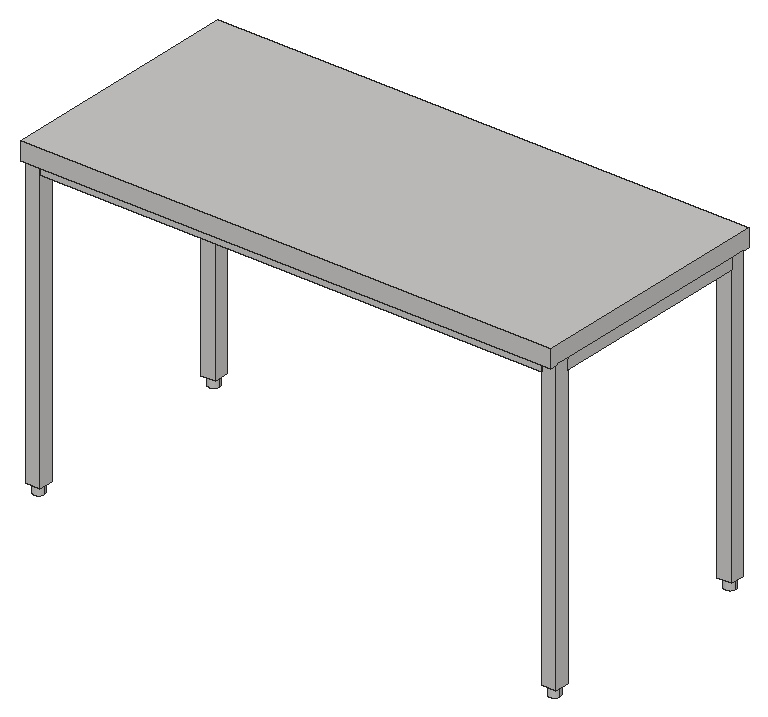
Revit family "QF_ELECTROLUXPROFESSIONAL_134005_GTG1500E", category Attrezzature speciali, Revit 2020
Family settings
  Quota connettore circolare = Usa diametro
  Tipo di parte = Normale
  Basato su piano di lavoro = No
  Sempre verticale = Sì
  Taglio con vuoti quando caricato = No
  Condiviso = No
  Punto di calcolo locali = No
Parameters (values of type "Standard")
  Weight = 43.00 kg
  Watts = 0 W
  Volts = 0 V
  URL Manufacturer = "https://www.electroluxprofessional.com/"
  URL = "https://www.electroluxprofessional.com/"
  Steam Supply Size = 0 mm
  Steam Supply Minimum Pressure = 0.0 Pa
  Steam Supply Maximum Pressure = 0.0 Pa
  Steam Consumption per Hour = 0
  Refrigeration Suction Line Size = 0.0 mm
  Refrigeration Liquid Line Size = 0.0 mm
  Refrigerant Compressor Remote = yes
  Prospetto di default = 0.0 mm
  Produttore = "Electrolux Professional"
  Phase = 0
  Modello = "GTG1500E"
  Length Actual = 1500.0 mm  # constant formula
  Item Number = "134005"
  Hot Water Size = 0 mm
  Height Actual = 900.0 mm  # constant formula
  HP = "0 HP"
  Gas Size = 0 mm
  Gas KW = 0
  Gas Input Pressure = 0 W
  Direct Waste Size = 0 mm
  Descrizione = "WORK TABLE 1500 MM"
  Depth Actual = 700.0 mm  # constant formula
  Cycle = 0 Hz
  Condensate Return Size = 0 mm
  Compressed Air Volume = 0.0 L/s
  Compressed Air Size = 0 mm
  Compressed Air Pressure = 0.0 Pa
  Cold Water Size = 0 mm
  Accessory = yes
Reference planes
  plane 1 "Center (Front/Back)": y = 0
  plane 2: z = 0
  plane 3 "Center (Left/Right)": x = -250
  plane 4 "LEFT": x = -1000
  plane 5 "RIGHT": x = 500
  plane 6 "BACK": y = 350
  plane 7 "FRONT": y = -350
  plane 8 "Base": z = 850
  plane 9 "TOP": z = 900
  plane 10: x = -980
  plane 11: x = 480
  plane 12: y = 310
  plane 13: y = -310
  plane 14 "TRAVERSI": z = 820
  plane 15: x = -960
  plane 16: x = 460
  plane 17: y = 290
  plane 18: y = -290
  plane 19: y = 330
  plane 20: y = -330
Forms (mm)
  Extrusion 1, solid, material "QF_Finishes_Stainless Steel"
    sketch origin (-250, 0, 0) x (0, 1, 0) y (0, 0, 1)
      loop
        line (-350, 850) -> (350, 850) -> (350, 900) -> (-350, 900) -> (-350, 850)
    from 750 to -750
  Extrusion 2, solid, material "QF_Finishes_Stainless Steel"
    sketch origin (0, 0, 820) x (0, 1, 0) y (-1, 0, 0)
      loop
        line (290, -460) -> (-290, -460) -> (-290, -500) -> (290, -500) -> (290, -460)
      loop
        line (290, 1000) -> (-290, 1000) -> (-290, 960) -> (290, 960) -> (290, 1000)
    from 0 to 30
  Extrusion 3, solid, material "QF_Finishes_Stainless Steel"
    sketch origin (0, 0, 820) x (0, 1, 0) y (-1, 0, 0)
      loop
        line (330, -460) -> (330, 960) -> (290, 960) -> (290, -460) -> (330, -460)
      loop
        line (-290, 960) -> (-330, 960) -> (-330, -460) -> (-290, -460) -> (-290, 960)
    from 0 to 30
Lines and regions (mm)
  symbolic lines
    curve 1: line (500, 350, 900) -> (-1000, 350, 900)
    curve 2: line (-1000, 350, 900) -> (-1000, -350, 900)
    curve 3: line (-1000, -350, 900) -> (500, -350, 900)
    curve 4: line (500, -350, 900) -> (500, 350, 900)
Dimensions and locks
  plane 4 "LEFT" to plane 5 "RIGHT" = 1500.0 mm
  equal spacing: plane 4 "LEFT", plane 3 "Center (Left/Right)", plane 5 "RIGHT"
  locked: plane 8 "Base" to level at 850
  plane 4 "LEFT" to plane 10 = 20.0 mm
  plane 11 to plane 5 "RIGHT" = 20.0 mm
  plane 10 to plane 11 = 1460.0 mm
  locked: plane 9 "TOP" to level at 900
  plane 6 "BACK" to plane 12 = 40.0 mm
  plane 13 to plane 7 "FRONT" = 40.0 mm
  plane 6 "BACK" to plane 7 "FRONT" = 700.0 mm
  plane 12 to plane 13 = 620.0 mm
  equal spacing: plane 6 "BACK", plane 1 "Center (Front/Back)", plane 7 "FRONT"
  plane 8 "Base" to plane 14 "TRAVERSI" = 30.0 mm
  locked: plane 10 to plane 15 at 20
  locked: plane 16 to plane 11 at 20
  locked: plane 19 to plane 12 at 20
  locked: plane 12 to plane 17 at 20
  locked: plane 18 to plane 13 at 20
  locked: plane 13 to plane 20 at 20
  aligned and locked: level to plane 2
  aligned and locked: plane 10 to nested 1
  aligned and locked: nested 1 to plane 13
  aligned and locked: plane 11 to nested 2
  aligned and locked: nested 2 to plane 13
  aligned and locked: plane 11 to nested 4
  aligned and locked: nested 4 to plane 12
  aligned and locked: plane 10 to nested 3
  aligned and locked: nested 3 to plane 12
  aligned and locked: Extrusion 1 to plane 4 "LEFT"
  aligned and locked: plane 5 "RIGHT" to Extrusion 1
  aligned and locked: curve 2 to plane 4 "LEFT"
  aligned and locked: Extrusion 2 sketch curve to plane 5 "RIGHT"
  aligned and locked: Extrusion 2 sketch curve to plane 17  (x2)
  aligned and locked: plane 16 to Extrusion 2 sketch curve
  aligned and locked: plane 18 to Extrusion 2 sketch curve  (x2)
  aligned and locked: plane 4 "LEFT" to Extrusion 2 sketch curve
  aligned and locked: Extrusion 2 sketch curve to plane 15
  aligned and locked: plane 19 to Extrusion 3 sketch curve
  aligned and locked: Extrusion 3 sketch curve to plane 17
  aligned and locked: Extrusion 3 sketch curve to plane 18
  aligned and locked: plane 20 to Extrusion 3 sketch curve
  aligned and locked: Extrusion 3 sketch curve to plane 15
  aligned and locked: plane 15 to Extrusion 3 sketch curve
  aligned and locked: plane 16 to Extrusion 3 sketch curve
  aligned and locked: Extrusion 3 sketch curve to plane 16
Automatic sketch dimensions
  Extrusion 1 sketch curve to plane 7 "FRONT" = 0.0 mm
  Extrusion 1 sketch curve to plane 8 "Base" = 0.0 mm
  curve 3 to plane 7 "FRONT" = 0.0 mm
  curve 4 to plane 6 "BACK" = 0.0 mm
  Extrusion 1 sketch curve to plane 9 "TOP" = 0.0 mm
  Extrusion 1 sketch curve to plane 6 "BACK" = 0.0 mm
  curve 4 to plane 5 "RIGHT" = 0.0 mm
Nested families
  nested 1: "FEET_40x40_R" at (-980, -310, 0), type "FEET_40x40_R"
  nested 2: "FEET_40x40_R" at (480, -310, 0), type "FEET_40x40_R"
  nested 3: "FEET_40x40_R" at (-980, 310, 0), type "FEET_40x40_R"
  nested 4: "FEET_40x40_R" at (480, 310, 0), type "FEET_40x40_R"
Definition of nested family "FEET_40x40_R"
  Parameters
    Default Elevation = 0.0 mm
    FEET = 850.0 mm
  Reference planes
    plane 1 "Center (Front/Back)": y = 0
    plane 2: z = 0
    plane 3 "Center (Left/Right)": x = 0
    plane 4: z = 850
  Forms (mm)
    Extrusion 1, solid
      sketch origin (0, 0, 0) x (1, 0, 0) y (0, 1, 0)
        loop
          line (-20, -20) -> (20, -20) -> (20, 20) -> (-20, 20) -> (-20, -20)
      from 25 to 850
    Extrusion 2, solid
      sketch origin (0, 0, 0) x (1, 0, 0) y (0, 1, 0)
        loop
          circle (0, 0) r 16
      from 0 to 25
  Lines and regions (mm)
    symbolic lines
      curve 1: line (0, -1.503, 0) -> (0, 1.508, 0)
      curve 2: line (1.561, 0, 0) -> (-1.439, 0, 0)
  Dimensions and locks
    "FEET": plane 4 to plane 2
    aligned and locked: level to plane 2
  Automatic sketch dimensions
    Extrusion 1 sketch curve to plane 3 "Center (Left/Right)" = 20.0 mm
    plane 3 "Center (Left/Right)" to Extrusion 1 sketch curve = 20.0 mm
    plane 1 "Center (Front/Back)" to Extrusion 1 sketch curve = 20.0 mm
    Extrusion 1 sketch curve to plane 1 "Center (Front/Back)" = 20.0 mm
    plane 1 "Center (Front/Back)" to Extrusion 2 sketch curve = 0.0 mm
    Extrusion 2 sketch curve to plane 3 "Center (Left/Right)" = 0.0 mm
    plane 1 "Center (Front/Back)" to curve 2 = 0.0 mm
    curve 1 to plane 3 "Center (Left/Right)" = 0.0 mm
    curve 2 to plane 3 "Center (Left/Right)" = 1.439 mm
    plane 3 "Center (Left/Right)" to curve 2 = 1.561 mm
    plane 1 "Center (Front/Back)" to curve 1 = 1.503 mm
    curve 1 to plane 1 "Center (Front/Back)" = 1.508 mm
    radius of Extrusion 2 sketch curve = 16.0 mm
